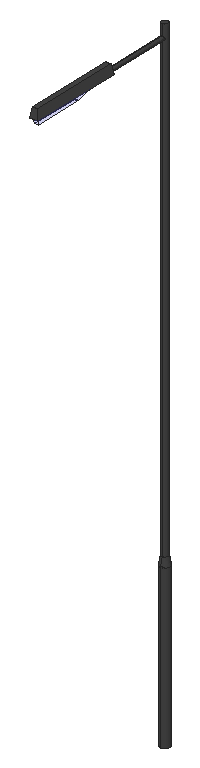
Revit family
Parameters
  Wattage = 9.2903 W
  built-in parameter 1150110 = 1 (stored number, unit not read)
  built-in parameter 1114217 = 1 (stored number, unit not read)
  built-in parameter 1150109 = 1 (stored number, unit not read)
  built-in parameter 1150134 = 3
  built-in parameter 1150113 = 1 (stored number, unit not read)
  Material Lamp Post = Paint - Black Matte
  Material Lamp Glazing = Glass
  built-in parameter 1150105 = 109.82 (stored number, unit not read)
  Lumens = 1380 lm
  built-in parameter 1150115 = 1 (stored number, unit not read)
  Light Source Symbol Size = 609.6 mm
  built-in parameter 1150137 = (empty or 0)
  built-in parameter 1150139 = (empty or 0)
  built-in parameter 1150112 = 1 (stored number, unit not read)
  built-in parameter 1150114 = 1 (stored number, unit not read)
  Keynote = "V"
  built-in parameter 1150132 = 2
  built-in parameter 1150102 = (empty or 0)
  built-in parameter 1150107 = 3200 (stored number, unit not read)
  built-in parameter 1150138 = (empty or 0)
  built-in parameter 1150106 = 1.0982 (stored number, unit not read)
  Height = 10000 mm
  built-in parameter 1150104 = 13.8 (stored number, unit not read)
  Dimming Lamp Color Temperature Shift = (empty or 0)
  Color Filter = 16777215
  built-in parameter 1114218 = 1 (stored number, unit not read)
  built-in parameter 1150133 = 10 (stored number, unit not read)
  Arm Length = 2500 mm
Reference planes
  plane 1 "Light Source Axis (F/B)": y = 0
  plane 2: z = 0
  plane 3 "Light Source Axis (L/R)": x = 43.565
  plane 4 "Light Source Elevation": z = 10000
  plane 5: z = 2500
  plane 6: x = -6.435
  plane 7: x = 93.565
  plane 8: z = 2640
  plane 9: y = -2500
  plane 10: y = -1600
  plane 11: z = 9800
  plane 12: x = 43.565
  plane 13: z = 9800
  plane 14: y = -1320
Forms (mm)
  Extrusion 1, solid, material "Paint - Black Matte" <- "Material Lamp Post"
    sketch origin (0, 0, 2500) x (0, -1, 0) y (-1, 0, 0)
      loop
        circle (0, -43.565) r 50
    from -140 to -7500
  Blend 2, solid, material "Paint - Black Matte" <- "Material Lamp Post"
    base sketch origin (0, 0, 2500) x (0, -1, 0) y (1, 0, 0)
      loop
        circle (0, 43.565) r 75
    top sketch origin (0, 0, 2500) x (0, -1, 0) y (1, 0, 0)
      loop
        circle (0, 43.565) r 50
    from 0 to 140
  Extrusion 3, solid, material "Paint - Black Matte" <- "Material Lamp Post"
    sketch origin (0, 0, 2500) x (0, -1, 0) y (-1, 0, 0)
      loop
        circle (0, -43.565) r 75
    from 0 to 2500
  Extrusion 4, solid, material "Paint - Black Matte" <- "Material Lamp Post"
    sketch origin (0, -1600, 0) x (0, 0, -1) y (1, 0, 0)
      loop
        circle (-9800, 43.565) r 30
    from 0 to -1600
  Blend 5, solid, material "Paint - Black Matte" <- "Material Lamp Post"
    base sketch origin (0, 0, 9800) x (0, 1, 0) y (-1, 0, 0)
      loop
        line (-1070, -111.065) -> (-1070, 23.935) -> (-2530, 23.935) -> (-2530, -111.065) -> (-1070, -111.065)
    top sketch origin (0, 0, 9800) x (0, 1, 0) y (-1, 0, 0)
      loop
        line (-1100, -6.065) -> (-2500, -6.065) -> (-2500, -81.065) -> (-1100, -81.065) -> (-1100, -6.065)
    from -30 to 119.26
  Blend 6, solid, material "Glass" <- "Material Lamp Glazing"
    base sketch origin (0, 0, 9800) x (0, 1, 0) y (-1, 0, 0)
      loop
        line (-1320, -6.065) -> (-2500, -6.065) -> (-2500, -81.065) -> (-1320, -81.065) -> (-1320, -6.065)
    top sketch origin (0, 0, 9800) x (0, 1, 0) y (-1, 0, 0)
      loop
        line (-1700, -18.565) -> (-2475, -18.565) -> (-2475, -68.565) -> (-1700, -68.565) -> (-1700, -18.565)
    from -30 to -130
Cuts and joins
  joined: Extrusion 1, Extrusion 4, Blend 5
Dimensions and locks
  "Arm Length": plane 5 to plane 2
  "Height": plane 4 "Light Source Elevation" to plane 2
  locked: plane 8 to plane 5 at 140
  "Arm Length": plane 9 to plane 1 "Light Source Axis (F/B)"
  plane 11 to plane 4 "Light Source Elevation" = 200 mm
  locked: plane 4 "Light Source Elevation" to plane 13 at 200
  equal spacing: Blend 5 sketch curve, plane 3 "Light Source Axis (L/R)", Blend 5 sketch curve  (x2)
  Blend 5 sketch curve to Blend 5 sketch curve = 135 mm
  locked: Blend 5 sketch curve to Blend 5 sketch curve at 75
  plane 9 to plane 14 = 1180 mm
  equal spacing: Blend 6 sketch curve, plane 3 "Light Source Axis (L/R)", Blend 6 sketch curve  (x2)
  locked: Blend 6 sketch curve to Blend 6 sketch curve at 75
  Blend 6 sketch curve to Blend 6 sketch curve = 50 mm
  Blend 6 sketch curve to var sketch = 380 mm
  plane 9 to Blend 5 sketch curve = 1430 mm
  plane 9 to Blend 5 sketch curve = 1400 mm
  plane 10 to Blend 5 = 500 mm
  aligned and locked: Extrusion 1 to plane 4 "Light Source Elevation"
  aligned and locked: plane 8 to Extrusion 1
  aligned and locked: Extrusion 3 to level
  aligned and locked: Extrusion 4 to plane 1 "Light Source Axis (F/B)"
  aligned and locked: plane 3 "Light Source Axis (L/R)" to imposter light
  aligned and locked: plane 1 "Light Source Axis (F/B)" to imposter light
  aligned and locked: plane 4 "Light Source Elevation" to imposter light
Automatic sketch dimensions
  Extrusion 1 sketch curve to plane 1 "Light Source Axis (F/B)" = 0 mm
  Extrusion 1 sketch curve to plane 3 "Light Source Axis (L/R)" = 0 mm
  Blend 2 sketch curve to plane 1 "Light Source Axis (F/B)" = 0 mm  (x2)
  Blend 2 sketch curve to plane 3 "Light Source Axis (L/R)" = 0 mm  (x2)
  Extrusion 3 sketch curve to plane 1 "Light Source Axis (F/B)" = 0 mm
  Extrusion 3 sketch curve to plane 3 "Light Source Axis (L/R)" = 0 mm
  Extrusion 4 sketch curve to plane 3 "Light Source Axis (L/R)" = 0 mm
  Extrusion 4 sketch curve to plane 11 = 0 mm
  plane 9 to Blend 5 sketch curve = 30 mm
  Blend 6 sketch curve to plane 9 = 0 mm
  Blend 6 sketch curve to plane 14 = 0 mm
  Blend 5 sketch curve to plane 9 = 0 mm
  Blend 6 sketch curve to plane 9 = 25 mm
  radius of Extrusion 1 sketch curve = 50 mm
  radius of Blend 2 sketch curve = 75 mm
  radius of Blend 2 sketch curve = 50 mm
  radius of Extrusion 3 sketch curve = 75 mm
  radius of Extrusion 4 sketch curve = 30 mm
